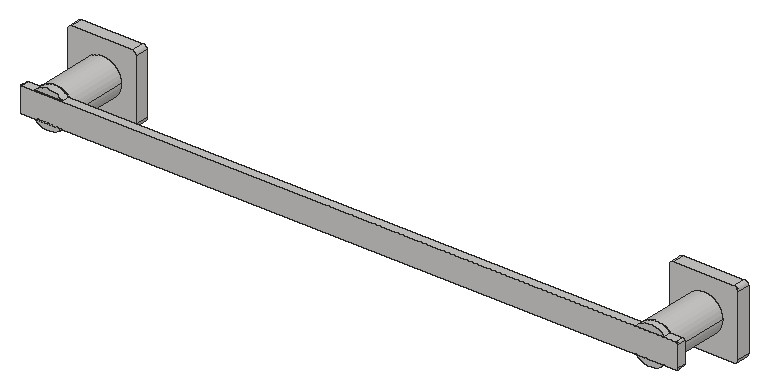
Revit family "SA-2507", category Plumbing Fixtures, host Wall, Revit 2024
Family settings
  Host = Wall
  Round Connector Dimension = Use Diameter
  Part Type = Normal
  OmniClass Number = 23.45.00.00
  OmniClass Title = Sanitary, Laundry, and Cleaning Equipment
  Enable Cutting in Views = No
  Always vertical = Yes
  Cut with Voids When Loaded = No
  Maintain Annotation Orientation = No
  Shared = No
  Room Calculation Point = No
Parameters
  Default Elevation = 0"
Reference planes (in)
  plane 1: y = 0
  plane 2 "Center (Left/Right)": x = -0.47711
  plane 3 "Back": y = 3
  plane 4 "2": x = 4.77289
  plane 5: x = 4.14789
  plane 6: x = 2.64789
  plane 7 "5": x = -21.97711
  plane 8: x = 3.39789
  plane 9: x = -20.60211
Forms (in)
  Extrusion 1, solid, material "stainless steel"
    sketch origin (-0.47711, -5.5625, 57.25) x (-1, 0, 0) y (0, 0, -1)
      loop
        line (-5.08544, -2.75) -> (-2.66456, -2.75)
        arc (-2.66456, -2.75) -> (-2.5482, -2.7018) -> (-2.5, -2.58544) r 0.16456
        line (-2.5, -2.58544) -> (-2.5, -0.16456)
        arc (-2.5, -0.16456) -> (-2.5482, -0.0482) -> (-2.66456, 0) r 0.16456
        line (-2.66456, 0) -> (-5.08544, 0)
        arc (-5.08544, 0) -> (-5.2018, -0.0482) -> (-5.25, -0.16456) r 0.16456
        line (-5.25, -0.16456) -> (-5.25, -2.58544)
        arc (-5.25, -2.58544) -> (-5.2018, -2.7018) -> (-5.08544, -2.75) r 0.16456
    from -2.5625 to -2.0625
  Extrusion 2, solid, material "stainless steel"
    sketch origin (-0.47711, -6.1875, 57.25) x (-1, 0, 0) y (0, 0, -1)
      loop
        circle (-3.875, -1.375) r 0.75
    from -2.6875 to -0.3125
  Extrusion 3, solid, material "stainless steel"
    sketch origin (-0.47711, -6.1875, 57.25) x (-1, 0, 0) y (0, 0, -1)
      loop
        line (-4.92044, -1.875) -> (21.17044, -1.875)
        arc (21.17044, -1.875) -> (21.2267, -1.8517) -> (21.25, -1.79544) r 0.07956
        line (21.25, -1.79544) -> (21.25, -0.95456)
        arc (21.25, -0.95456) -> (21.2267, -0.8983) -> (21.17044, -0.875) r 0.07956
        line (21.17044, -0.875) -> (-4.92044, -0.875)
        arc (-4.92044, -0.875) -> (-4.9767, -0.8983) -> (-5, -0.95456) r 0.07956
        line (-5, -0.95456) -> (-5, -1.79544)
        arc (-5, -1.79544) -> (-4.9767, -1.8517) -> (-4.92044, -1.875) r 0.07956
    from -0.3125 to 0
  Extrusion 4, solid, material "stainless steel"
    sketch origin (-0.47711, -6.1875, 57.25) x (-1, 0, 0) y (0, 0, -1)
      loop
        line (-3.31598, -1.875) -> (-4.43402, -1.875)
        arc (-4.43402, -1.875) -> (-3.875, -2.125) -> (-3.31598, -1.875) r 0.75
    from -0.3125 to 0
  Extrusion 5, solid, material "stainless steel"
    sketch origin (-0.47711, -6.1875, 57.25) x (-1, 0, 0) y (0, 0, -1)
      loop
        line (-4.43402, -0.875) -> (-3.31598, -0.875)
        arc (-3.31598, -0.875) -> (-3.875, -0.625) -> (-4.43402, -0.875) r 0.75
    from -0.3125 to 0
  Extrusion 6, solid, material "stainless steel"
    sketch origin (-24.47711, -5.5625, 57.25) x (-1, 0, 0) y (0, 0, -1)
      loop
        line (-5.08544, -2.75) -> (-2.66456, -2.75)
        arc (-2.66456, -2.75) -> (-2.5482, -2.7018) -> (-2.5, -2.58544) r 0.16456
        line (-2.5, -2.58544) -> (-2.5, -0.16456)
        arc (-2.5, -0.16456) -> (-2.5482, -0.0482) -> (-2.66456, 0) r 0.16456
        line (-2.66456, 0) -> (-5.08544, 0)
        arc (-5.08544, 0) -> (-5.2018, -0.0482) -> (-5.25, -0.16456) r 0.16456
        line (-5.25, -0.16456) -> (-5.25, -2.58544)
        arc (-5.25, -2.58544) -> (-5.2018, -2.7018) -> (-5.08544, -2.75) r 0.16456
    from -2.5625 to -2.0625
  Extrusion 7, solid, material "stainless steel"
    sketch origin (-24.47711, -6.1875, 57.25) x (-1, 0, 0) y (0, 0, -1)
      loop
        circle (-3.875, -1.375) r 0.75
    from -2.6875 to -0.3125
  Extrusion 8, solid, material "stainless steel"
    sketch origin (-24.47711, -6.1875, 57.25) x (-1, 0, 0) y (0, 0, -1)
      loop
        line (-3.31598, -1.875) -> (-4.43402, -1.875)
        arc (-4.43402, -1.875) -> (-3.875, -2.125) -> (-3.31598, -1.875) r 0.75
    from -0.3125 to 0
  Extrusion 9, solid, material "stainless steel"
    sketch origin (-24.47711, -6.1875, 57.25) x (-1, 0, 0) y (0, 0, -1)
      loop
        line (-4.43402, -0.875) -> (-3.31598, -0.875)
        arc (-3.31598, -0.875) -> (-3.875, -0.625) -> (-4.43402, -0.875) r 0.75
    from -0.3125 to 0
Text (in)
  text "Placement Side" at (0, 40.15149, 123.01588), in view "Right"
  text "Placement Side" at (-70.3804, 45.82615, 0), in view "Ref. Level"
  text "Placement Side" at (0, 47.49176, 113.10569), in view "Left"
Dimensions and locks (in)
  locked: plane 3 "Back" to host wall
  Extrusion 1 to Extrusion 1 = 2 3/4"  (x2)
  Extrusion 3 to Extrusion 3 = 1"
  plane 6 to plane 5 = 1 1/2"
  plane 4 "2" to plane 7 "5" = 26 3/4"
  plane 9 to plane 8 = 24"  (x2)
  Extrusion 6 to Extrusion 3 = 3 3/16"
  Extrusion 3 to Extrusion 3 = 5/16"
  Extrusion 1 to Extrusion 1 = 1/2"
  level to Extrusion 6 = 60"
